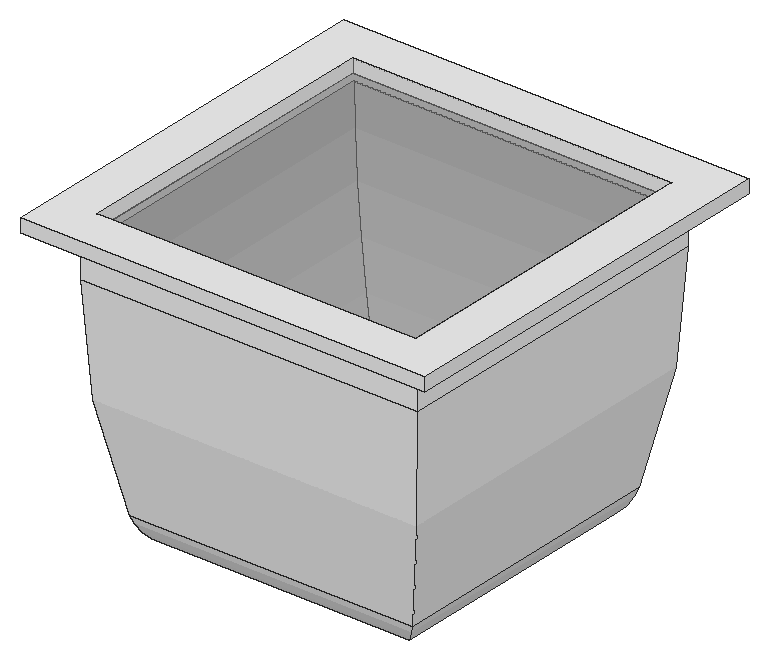
Revit family "3097105 Lighting Fixture_Sylvania_Insaver LED 75 Square White Bezel_Ceiling Recessed", category Lighting Fixtures, host Face, Revit 2017
Family settings
  Host = Face
  Round Connector Dimension = Use Diameter
  Part Type = Normal
  OmniClass Number = 23.80.70.11.17
  OmniClass Title = Specialized Lighting by Location or Use
  Cut with Voids When Loaded = No
  Light Source = Yes
  Shared = No
  Room Calculation Point = No
Parameters (values of type "Insaver 75 LED SQ 16W NW DB WH")
  Width = Length  # 90.0 mm
  Weight = 0.40 kg
  Wattage = 16.0523 W
  built-in parameter 1150110 = 1 (stored number, unit not read)
  Voltage Comments = "UNV (Universal Voltage; 220-240 Volt)"  # constant formula
  Voltage = 240 V  # constant formula
  URL = "http://www.sylvania-lighting.com"
  built-in parameter 1114217 = 1 (stored number, unit not read)
  Tilt Angle = -90.00°  # constant formula
  built-in parameter 1150109 = 1 (stored number, unit not read)
  built-in parameter 1150134 = 12
  built-in parameter 1150113 = 1 (stored number, unit not read)
  Reflector Material = Metal_Sylvania_Insaver 75 LED_Silver
  Product Page URL = "http://www.sylvania-lighting.com/product/en-int/products/3097105"
  Product Family = "Insaver 75 LED Square White Bezel"  # constant formula
  Photometry Comments = ""
  Photometric Web File = "3097105_Insaver75LEDSQNWDBWH-185565.ies"
  built-in parameter 1150105 = 640.91 (stored number, unit not read)
  Lumens = 897 lm
  built-in parameter 1150115 = 1 (stored number, unit not read)
  built-in parameter 1150137 = (empty or 0)
  built-in parameter 1150139 = (empty or 0)
  Life = "50 000h"  # constant formula
  Length = 90.0 mm
  built-in parameter 1150112 = 1 (stored number, unit not read)
  built-in parameter 1150114 = 1 (stored number, unit not read)
  built-in parameter 1150132 = 2
  built-in parameter 1150102 = (empty or 0)
  built-in parameter 1150107 = 4000 (stored number, unit not read)
  built-in parameter 1150138 = (empty or 0)
  built-in parameter 1150106 = 6.4091 (stored number, unit not read)
  IK Rating = "IK02"  # constant formula
  Emit from Rectangle Width = Cutout Width - 8.0 mm  # 67.0 mm
  Emit from Rectangle Length = Cutout Length - 8.0 mm  # 67.0 mm
  Emit Shape Visible in Rendering = no
  built-in parameter 1150104 = 5.1914 (stored number, unit not read)
  Drive Current = "350mA"  # constant formula
  Dimming Lamp Color Temperature Shift = <None>
  Cutout Width = Cutout Length  # 75.0 mm
  Cutout Length = Length - 15.0 mm  # 75.0 mm
  Color Filter = 16777215
  CRI ( Ra ) = 80
  Body Material = Aluminum_Sylvania_Insaver 75 LED_White
  Beam Angle = "Wide"  # constant formula
  built-in parameter 1114218 = 1 (stored number, unit not read)
  built-in parameter 1150133 = 10 (stored number, unit not read)
  IP Rating = "IP65"  # constant formula
  Height = 65.0 mm
  Electrical Protection = "CLASS II"  # constant formula
  built-in parameter 1114216 [instance] = 1 (stored number, unit not read)
  Model = "3097105 Insaver 75 LED SQ 16W NW DB WH"
  Manufacturer = "Feilo Sylvania"
  Lamp = "Integrated LED"
  Diffuser Material = Polycarbonate_Sylvania_Insaver 75 LED_Clear
  Description = "16W to 38W LED white downlight. Harnesing the power of Mid Power LEDs. Ideal for applications such as reception areas, offices, general public circulation areas, corridors or and any location that requires long service hours and high switching cycles. Choice of 3,000K warm white or 4,000K neutral white colour temperature. IP44 with accessory. IP65 as standard on Insaver 75. High lumen output - up to 2,922lm. Cost effective product - will help you comply with Building regulations - up to 73lm/W. Available in Low profile as well as well as Low glare versions. Available in DALI versions. Available in Emergency versions. Quick and easy to install. LED technology provides energy efficient solution and reduced maintenance costs and long lifetime. To discover for yourself how much your business can save on its energy bills, simply visit our online Savings Calculator at: www.havells-sylvania.com"  # constant formula
  Default Elevation = 0.0 mm
  built-in parameter 1140040 [instance] = 1
  Assembly Code = "D5020200"
  Apparent Load Comments = ""
  Apparent Load = 16 VA
Types (2, lengths in mm): name | Wattage | Photometric Web File | built-in parameter 1150105 | Lumens | built-in parameter 1150106 | Model
  Insaver 75 LED SQ WW DB WH | 16 W | "3097104_Insaver75LEDSQWWDBWH-185552.ies" | 71.149 (stored number, unit not read) | 894.08 lm | 0.71149 (stored number, unit not read) | "3097104 Insaver 75 LED SQ WW DB WH"
  Insaver 75 LED SQ 16W NW DB WH | 16.0523 W | "3097105_Insaver75LEDSQNWDBWH-185565.ies" | 640.91 (stored number, unit not read) | 897 lm | 6.4091 (stored number, unit not read) | "3097105 Insaver 75 LED SQ 16W NW DB WH"
Reference planes
  plane 1 "Center (Front/Back)": y = 0
  plane 2: z = 0
  plane 3 "Center (Left/Right)": x = 0
  plane 4 "Fixture Left": x = -45
  plane 5 "Fixture Front": y = -45
  plane 6 "Fixture Back": y = 45
  plane 7 "Fixture Right": x = 45
  plane 8: x = -37.5
  plane 9: x = 37.5
  plane 10: y = 37.5
  plane 11: y = -37.5
  plane 12 "Fixture Bottom": z = 3
  plane 13: y = 35.5
  plane 14: y = -35.5
  plane 15: x = 35.5
  plane 16: x = -35.5
  plane 17 "Fixture Top": z = -65
  plane 18: z = -40
  plane 19: x = -13.5
  plane 20: x = 13.5
  plane 21: x = -33.5
  plane 22: x = 33.5
  plane 23: y = 33.5
  plane 24: y = -33.5
  plane 25: y = 13.5
  plane 26: y = -13.5
  plane 27: z = -37.61
  plane 28: z = -63
Forms (mm)
  Extrusion 1, solid, material "Aluminum_Sylvania_Insaver 75 LED_White" <- "Body Material", detail levels fine
    sketch origin (0, 0, 58) x (-1, 0, 0) y (0, -1, 0)
      loop
        line (45, -45) -> (45, 45) -> (-45, 45) -> (-45, -45) -> (45, -45)
      loop
        line (35.5, -35.5) -> (35.5, 35.5) -> (-35.5, 35.5) -> (-35.5, -35.5) -> (35.5, -35.5)
    from -58 to -55
  Sweep 2, solid, material "Metal_Sylvania_Insaver 75 LED_Silver" <- "Reflector Material", detail levels fine
    path origin (0, 0, 58) x (-1, 0, 0) y (0, -1, 0)
      loop
        line (-33.5, -33.5) -> (33.5, -33.5) -> (33.5, 33.5) -> (-33.5, 33.5) -> (-33.5, -33.5)
    profile origin (0, 33.5, 58) x (0, -1, 0) y (0, 0, 1)
      loop
        arc (-2, -58) -> (3.863, -80.825) -> (20, -98) r 47.364
        line (20, -98) -> (20, -95.61)
        arc (20, -95.61) -> (5.311, -79.299) -> (0, -58) r 45.364
        line (0, -58) -> (-2, -58)
  Extrusion 3, solid, material "Metal_Sylvania_Insaver 75 LED_Silver" <- "Reflector Material", detail levels fine
    sketch origin (0, 0, 58) x (-1, 0, 0) y (0, -1, 0)
      loop
        line (13.5, -13.5) -> (13.5, 13.5) -> (-13.5, 13.5) -> (-13.5, -13.5) -> (13.5, -13.5)
    from -98 to -95.61
  Extrusion 4, void
    sketch origin (0, 0, 58) x (-1, 0, 0) y (0, -1, 0)
      loop
        line (37.5, -37.5) -> (37.5, 37.5) -> (-37.5, 37.5) -> (-37.5, -37.5) -> (37.5, -37.5)
    from -123 to -58
  Sweep 5, solid, material "Aluminum_Sylvania_Insaver 75 LED_White" <- "Body Material"
    path origin (0, 0, 58) x (-1, 0, 0) y (0, -1, 0)
      loop
        line (37.5, -37.5) -> (37.5, 37.5) -> (-37.5, 37.5) -> (-37.5, -37.5) -> (37.5, -37.5)
    profile origin (0, 37.5, 58) x (0, 1, 0) y (0, 0, 1)
      loop
        line (-2, -58) -> (-2, -68)
        arc (-2, -68) -> (-3.484, -91.677) -> (-7.914, -114.983) r 189.584
        arc (-7.914, -114.983) -> (-10.758, -119.319) -> (-15.664, -121) r 8
        line (-15.664, -121) -> (-24, -121) -> (-24, -123) -> (-15.664, -123)
        arc (-15.664, -123) -> (-9.532, -120.899) -> (-5.976, -115.478) r 10
        arc (-5.976, -115.478) -> (-1.5, -91.926) -> (0, -68) r 191.584
        line (0, -68) -> (0, -58) -> (-2, -58)
  Extrusion 6, solid, material "Aluminum_Sylvania_Insaver 75 LED_White" <- "Body Material"
    sketch origin (0, 0, 58) x (-1, 0, 0) y (0, -1, 0)
      loop
        line (13.5, -13.5) -> (13.5, 13.5) -> (-13.5, 13.5) -> (-13.5, -13.5) -> (13.5, -13.5)
    from -123 to -121
  Extrusion 7, solid, material "Polycarbonate_Sylvania_Insaver 75 LED_Clear" <- "Diffuser Material", detail levels fine
    sketch origin (0, 0, 58) x (-1, 0, 0) y (0, -1, 0)
      loop
        line (35.5, -35.5) -> (35.5, 35.5) -> (-35.5, 35.5) -> (-35.5, -35.5) -> (35.5, -35.5)
    from -58 to -55
  Extrusion 8, solid, material "Aluminum_Sylvania_Insaver 75 LED_White" <- "Body Material", detail levels coarse+medium
    sketch origin (0, 0, 58) x (-1, 0, 0) y (0, -1, 0)
      loop
        line (45, -45) -> (45, 45) -> (-45, 45) -> (-45, -45) -> (45, -45)
    from -58 to -55
Cuts and joins
  joined: Sweep 2, Extrusion 3
  joined: Sweep 5, Extrusion 6
Dimensions and locks
  equal spacing: plane 4 "Fixture Left", plane 3 "Center (Left/Right)", plane 7 "Fixture Right"
  "Length": plane 4 "Fixture Left" to plane 7 "Fixture Right"
  equal spacing: plane 6 "Fixture Back", plane 1 "Center (Front/Back)", plane 5 "Fixture Front"
  "Width": plane 6 "Fixture Back" to plane 5 "Fixture Front"
  equal spacing: plane 8, plane 3 "Center (Left/Right)", plane 9
  "Cutout Length": plane 8 to plane 9
  equal spacing: plane 10, plane 1 "Center (Front/Back)", plane 11
  "Cutout Width": plane 10 to plane 11
  locked: plane 12 "Fixture Bottom" to plane 2 at 3
  locked: plane 8 to plane 16 at 2
  locked: plane 15 to plane 9 at 2
  locked: plane 10 to plane 13 at 2
  locked: plane 11 to plane 14 at 2
  "Height": plane 2 to plane 17 "Fixture Top"
  locked: plane 13 to plane 23 at 2
  locked: plane 14 to plane 24 at 2
  locked: plane 16 to plane 21 at 2
  locked: plane 22 to plane 15 at 2
  locked: plane 21 to plane 19 at 20
  locked: plane 20 to plane 22 at 20
  locked: plane 23 to plane 25 at 20
  locked: plane 24 to plane 26 at 20
  plane 10 to plane 11 = 75.0 mm
  plane 2 to Sweep 5 sketch curve = 10.0 mm
  locked: plane 28 to plane 17 "Fixture Top" at 2
  locked: Sweep 5 sketch curve to plane 28 at 5.522
  locked: Sweep 5 sketch curve to plane 28 at 6.017
  aligned and locked: host face to plane 2
  aligned and locked: host face to level
  aligned and locked: plane 3 "Center (Left/Right)" to imposter light
  aligned and locked: imposter light to plane 1 "Center (Front/Back)"
  aligned and locked: Extrusion 1 sketch curve to plane 6 "Fixture Back"
  aligned and locked: plane 4 "Fixture Left" to Extrusion 1 sketch curve
  aligned and locked: plane 5 "Fixture Front" to Extrusion 1 sketch curve
  aligned and locked: plane 7 "Fixture Right" to Extrusion 1 sketch curve
  aligned and locked: Extrusion 1 to plane 2
  aligned and locked: plane 12 "Fixture Bottom" to Extrusion 1
  aligned and locked: Extrusion 1 sketch curve to plane 13
  aligned and locked: Extrusion 1 sketch curve to plane 16
  aligned and locked: Extrusion 1 sketch curve to plane 14
  aligned and locked: plane 15 to Extrusion 1 sketch curve
  aligned and locked: plane 23 to Sweep 2 sketch curve
  aligned and locked: plane 22 to Sweep 2 sketch curve
  aligned and locked: plane 24 to Sweep 2 sketch curve
  aligned and locked: Sweep 2 sketch curve to plane 21
  aligned and locked: plane 13 to Sweep 2 sketch curve
  aligned and locked: plane 18 to Sweep 2 sketch curve
  aligned and locked: plane 25 to Sweep 2 sketch curve
  aligned and locked: Sweep 2 sketch curve to plane 2
  aligned and locked: plane 27 to Sweep 2
  aligned and locked: Extrusion 3 sketch curve to plane 20
  aligned and locked: plane 19 to Extrusion 3 sketch curve
  aligned and locked: Extrusion 3 sketch curve to plane 25
  aligned and locked: Extrusion 3 sketch curve to plane 26
  aligned and locked: Extrusion 3 to plane 18
  aligned and locked: plane 27 to Extrusion 3
  aligned and locked: plane 8 to Extrusion 4 sketch curve
  aligned and locked: plane 9 to Extrusion 4 sketch curve
  aligned and locked: Extrusion 4 sketch curve to plane 10
  aligned and locked: Extrusion 4 sketch curve to plane 11
  aligned and locked: Extrusion 4 to plane 17 "Fixture Top"
  aligned and locked: level to Extrusion 4
  aligned and locked: Sweep 5 sketch curve to plane 10
  aligned and locked: plane 8 to Sweep 5 sketch curve
  aligned and locked: Sweep 5 sketch curve to plane 11
  aligned and locked: plane 9 to Sweep 5 sketch curve
  aligned and locked: Sweep 5 sketch curve to plane 2
  aligned and locked: plane 10 to Sweep 5 sketch curve
  aligned and locked: plane 13 to Sweep 5 sketch curve
  aligned and locked: Extrusion 6 sketch curve to plane 20
  aligned and locked: plane 19 to Extrusion 6 sketch curve
  aligned and locked: Extrusion 6 sketch curve to plane 25
  aligned and locked: Extrusion 6 sketch curve to plane 26
  aligned and locked: Extrusion 6 to plane 17 "Fixture Top"
  aligned and locked: plane 28 to Extrusion 6
  aligned and locked: Extrusion 7 sketch curve to plane 16
  aligned and locked: Extrusion 7 sketch curve to plane 13
  aligned and locked: plane 15 to Extrusion 7 sketch curve
  aligned and locked: Extrusion 7 sketch curve to plane 14
  aligned and locked: Extrusion 7 to plane 2
  aligned and locked: plane 12 "Fixture Bottom" to Extrusion 7
  aligned and locked: plane 7 "Fixture Right" to Extrusion 8 sketch curve
  aligned and locked: plane 5 "Fixture Front" to Extrusion 8 sketch curve
  aligned and locked: plane 4 "Fixture Left" to Extrusion 8 sketch curve
  aligned and locked: Extrusion 8 sketch curve to plane 6 "Fixture Back"
  aligned and locked: Extrusion 8 to plane 2
  aligned and locked: plane 12 "Fixture Bottom" to Extrusion 8
  aligned and locked: plane 28 to Sweep 5 sketch curve
  aligned and locked: plane 17 "Fixture Top" to Sweep 5 sketch curve
  aligned and locked: imposter light to plane 12 "Fixture Bottom"
Automatic sketch dimensions
  host sketch curve to host sketch curve = 700.0 mm
  host sketch curve to host sketch curve = 620.0 mm
  Sweep 2 sketch curve to Sweep 2 sketch curve = 0.0 mm
  Sweep 2 sketch curve to profile plane = 0.0 mm
  profile plane to Sweep 5 sketch curve = 24.0 mm
  Sweep 5 sketch curve to Sweep 5 sketch curve = 0.0 mm  (x4)
  Sweep 5 sketch curve to Sweep 5 sketch curve = 1.938 mm
Connectors
  electrical at (0, 0, -65), driven by "Voltage", driven by "Apparent Load"
    settings: on Extrusion 6, index 1, voltage 240 V, apparent load 0 VA, apparent load phase1 16 VA, apparent load phase2 0 VA, apparent load phase3 0 VA, power factor 1, load classification "Lighting", number of poles 1, system type 31, power factor state 1, is connector primary yes, connector utility no, sub classification motor no, connector description ""
